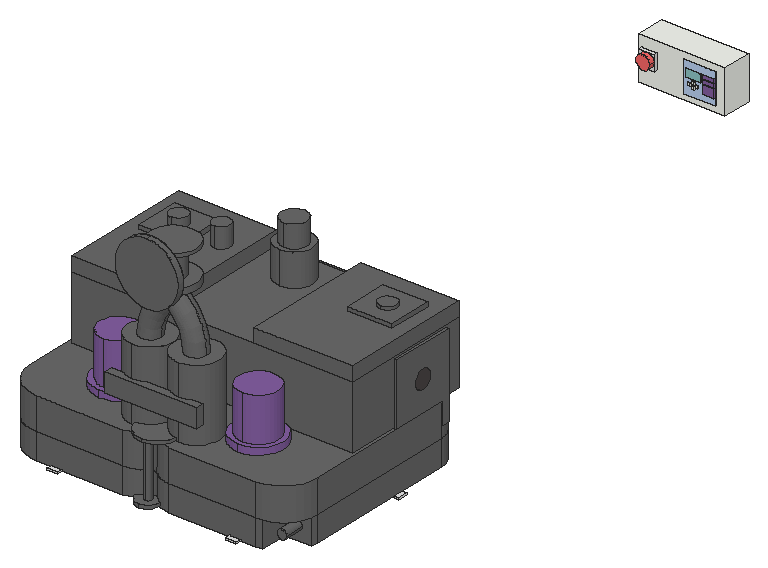
Revit family "11127", category Generic Models, Revit 2021
Family settings
  Can host rebar = No
  Round Connector Dimension = Use Diameter
  Part Type = Normal
  Work Plane-Based = No
  Always vertical = Yes
  Cut with Voids When Loaded = No
  Shared = Yes
  Room Calculation Point = No
Parameters (values of type "11127")
  SUPPLIER = "KESSEL"
  SA700ID49 = "Protection Class I"
  SA700ID48 = "no"
  SA700ID47 = "no"
  SA700ID46 = "yes"
  SA700ID37 = 20000 mm
  SA700ID34 = 55
  SA700ID33 = 4.2 W
  SA700ID32 = 206.68 kg
  SA700ID31 = 1
  SA700ID30 = 2
  SA700ID29 = "GLRD"
  SA700ID21 = 2000
  SA700ID10 = "yes"
  SA700ID08 = 400 V
  PROCUREWEBLINK = "https://p.caden.as/kessel/11127"
  PROCURELINK = "p.caden.as/kessel/11127"
  PROCUREDATALASTUPDATE = "2024-05-22T12:17:56.64331634+01:00"
  PREVIEW = "../../bilder/ksb_w_11127.png"
  PRC_SPECIFICATIONLINK = "https://ausschreiben.de/catalog/kessel/catalogItem/93ecf0da-205c-4d52-8e6f-fb3f17548b2c"
  NN = "Lifting station Aqualift F XL"
  NBSYN = "$SA810ID03."
  NB = "11127"
  Model = "11127"
  Manufacturer = "KESSEL"
  MIdent = "{$CADENAS_DATA/23d-libs/kessel/kessel_vdi_import/4/entwaesserung/hebeanlage20aqualift20f20xl.prj},201 {STYP=ASS},{VTYP=3D},{NB=11127},{LINA=11127},{NN=Lifting station Aqualift F XL},{DATE=21.11.2022 10:48:11},{GEOMDATE=21.11.2022 10:48:11},{VERSION=},{LINEID=470},{WBVAR=LODLEVEL},{WBNUMERIC=LODLEVEL}  {NB=11127},{LINA=11127},{KT=DUMMY},{PREVIEW=../../bilder/ksb_w_11127.png},{SA700ID04=Hebeanlage Aqualift F XL 450 l, Duo, SPF 4500-S1, Gussschieber},{SA810ID06=04026092057940},{SA700ID34=55.00},{SA010ID03=201805},{SA810ID03=11127},{SA810ID10=Aqualift F XL 4500W-S1 Duo 450L m.S.G.KESSEL Aqualift F XL Hebeanlage für fäkalienhaltiges und fäkalienfreies Abwasser. Zur Aufstellung in frostgeschützten Räumen.Duoanlage mit zwei Pumpen des Typs SPF 4500-S1 Sammelbehälter aus Polyethylen, mit verschraubter Reinigungsöffnung, Anschlussstutzen für Zulauf von oben DN100/150.Inklusive Tauchrohr zur pneumatischen Niveauerfassung,Entlüftungsanschluss DN 70 und Anschluss für eine Handmembranpumpe DN 32.Behälter inklusive Haltewinkel zur Auftriebssicherung.Behältervolumen 450 Liter, max. Nutzvolumen bei Zulauf von oben ca. 250 Liter.Zwei seitliche und drei rückseitige Anbohrflächen zur Montage weiterer Zuläufe bis DN 200 unter Verwendung von Durchgangsdichtungen.Inklusive KESSEL Schaltgerät Aqualift Comfort 400 V.Anwenderfreundliche Menüführung im mehrzeiligem Display. MitSelbstdiagnosesystem (SDS) und Erinnerungsfunktion für nächste Wartung.Anzeige der aktuellen Messwerte. Einfache Einstellung derfunktionsrelevanten Parameter, inklusive Betriebsstundenzähler und potentialfreiem Kontakt. Optionale Weiterleitung von Alarm- und Sammelstörmeldung über GSM Schnittstelle.Schaltgerät mit Volltextanzeige in sechs Sprachen.Abwasserpumpe(n) mit Freistromrad zur Förderung von fäkalienfreiem und fäkalienhaltigem Abwasser gemäß DIN EN 12050-1.Freier Kugeldurchgang mindestens 40 mm. Pumpe(n) überflutungssicher.Inklusive Rückflussverhinderer, mit Druckabgang aus Grauguss DN 80. nach DIN 2501. Inklusive einem Absperrschieber.Pumpe(n) Typ SPF 4500-S1Fördermenge: max. 56 m³/hFörderhöhe: max. 20 mNennleistung (P2): 3,7 KW je PumpeAufnahmeleistung (P1): 4,5 KW je PumpeBetriebsspannung: 400 V DSNennfrequenz: 50 HzNennstrom: 7,4 AAbsicherung: 3 x C 25 ASchutzart (Pumpe): IP68 3mWS/48hSchutzart (Schaltgerät): IP 65Bertiebsart: S1Kabellänge: 5 mAußenmaße Anlage mit 450 Liter Behälter (BxTxH): 1260 x 960 x 770 mmGewicht ca. 206,68 kg},{SA700ID37=20.00},{SA700ID33=4.20},{SA700ID08=400},{SA700ID30=2},{SA700ID32=206.68},{SA700ID49=Schutzklasse I},{SA700ID50=intern},{SA200ID03=6},{SA250ID03=vertikal},{SA260ID03=Trockenläuferpumpe},{SA350ID03=normalansaugend},{SA400ID03=E-Motor für Drehstrom},{SA460ID03=direkt},{SA500ID03=Kunststoff, Edelstahl},{SA700ID06=80},{SA700ID07=100},{SA700ID09=3/N/PE 400V},{SA700ID10=Ja},{SA700ID11=50},{SA700ID12=IP 68},{SA700ID13=F},{SA700ID15=40},{SA700ID21=2000.00},{SA700ID22=3.50},{SA700ID23=2850},{SA700ID24=2850},{SA700ID26=7.50},{SA700ID27=56.00},{SA700ID28=durchgehend},{SA700ID29=GLRD},{SA700ID31=1},{SA700ID46=ja},{SA700ID47=nein},{SA700ID48=nein},{SA110ID04=Hebeanlage Aqualift F XL},{SA300ID03=einstufig},{SA700ID44=10.00},{SA700ID45=10.00},{SA010ID04=KESSEL AG},{LODLEVEL=200},{LINK=https://www.kessel.de/info?han=11127},{SA970ID01=970},{SA970ID02=7208},{SA970ID03=11127},{SA970ID04=11002617},{SA970ID05=QUAD},{SA970ID06=-655.49},{SA970ID07=-849.95},{SA970ID08=0},{SA970ID09=1},{SA970ID10=0},{SA970ID11=0},{SA970ID12=0},{SA970ID13=1},{SA970ID14=0},{SA970ID15=1310.97},{SA970ID16=999.88},{SA970ID17=1037.83},{LODLEVEL_=200,'Low'},{LODLEVEL_DEU=200,'Low'},{LINK_=https://www.kessel.de/info?han=11127},{LINK_DEU=https://www.kessel.de/info?han=11127},{LODLEVEL_3DB=11127_200},{DNIN1=100},{DNIN2=70},{DNIN4=10},{DNIN5=10},{DNIN6=50},{DNIN7=50},{DNIN8=50},{DNIN9=50},{DNOUT1=32},{DNOUT2=100},{DNOUT3=70},{ISD1=96},{ISD2=10},{ISDOUT1=40},{ISDOUT2=85},{ISDOUT3=65},{SA010ID01=010},{SA010ID02=4},{SA010ID06=www.kessel.de},{SA010ID07=www.kessel.de},{SA010ID12=20180713},{SA010ID13=DEU},{SA010ID14=DE},{SA100ID01=100},{SA100ID02=4},{SA100ID04=Entwässerung},{SA110ID01=110},{SA110ID02=6},{SA200ID01=200},{SA200ID02=6},{SA250ID01=250},{SA250ID02=2},{SA260ID01=260},{SA260ID02=2},{SA300ID01=300},{SA300ID02=1},{SA350ID01=350},{SA350ID02=1},{SA400ID01=400},{SA400ID02=2},{SA460ID01=460},{SA460ID02=1},{SA500ID01=500},{SA500ID02=1},{SA700ID01=700},{SA700ID02=84},{SA700ID10_=1},{SA700ID16=0},{SA700ID25=0},{SA700ID46_=1},{SA700ID47_=0},{SA700ID48_=0},{SA700ID49_=1},{SA700ID50_=2},{SA800ID01=800},{SA800ID02=48},{SA810ID01=810},{SA810ID02=84},{SA810ID04=11127},{SA810ID07=84},{SA810ID09=1},{SA810ID14=PCE},{SA810ID15=1},{SA810ID16=NMP},{SA960ID03=84},{SA960ID04=3L},{SA960ID08=https://www.kessel.de/info?han=11127},{SA010ID08=4026092000007},{SA100ID05=Hebeanlage},{SA110ID06=Hebeanlage}"
  LINK = "https://www.kessel.de/info?han=11127"
  LINA = "11127"
  Default Elevation = 0 mm
  CREATOR = "CADENAS GmbH"
  CATALOG = "KESSEL"
  BOMINFO = "LINA"
  ARTICLENO = "NB"
  4.810.00.9 Order quantity (multiplicator) = "1"
  4.810.00.7 Media- connection number = "84"
  4.810.00.6 GTIN number = "04026092057940"
  4.810.00.4 DATANORM number = "11127"
  4.810.00.3 Producer order number = "11127"
  4.710.03.7 Mass (net) = 206.68 kg
  4.710.03.6 Height = 1027 mm
  4.710.03.5 Width = 1089 mm
  4.710.03.4 Length = 1260 mm
  4.710.03.3 Type of dimensions = "2"
  4.710.02.8 Area of application of wastewater pump = "1"
  4.710.02.7 Art des S2/S3-Betriebs = "50 %"
  4.710.02.6 Duty type = "S3"
  4.710.02.5 Cutting device = "0"
  4.710.02.4 Attached pump control = "1"
  4.710.02.3 Free passage = 40 mm
  4.710.01.6 Option to connect to building automation = "40"
  4.710.01.5 Load regulation = "0"
  4.710.01.4 Designation of closed-loop control = "250"
  4.710.01.3 Identifier for closed-loop control = "450"
  4.700.00.9 Voltage = 0
  4.700.00.8 Nominal connection size on suction side = "100"
  4.700.00.7 Nominal connection size on pressure side = "100"
  4.700.00.6 Type of connection = "80"
  4.700.00.4 Product indentification = "Hebeanlage Aqualift F XL 450 l, Duo, SPF 4500-S1, Gussschieber"
  4.700.00.28 Motor pump shaft = "durchgehend"
  4.700.00.27 Starting current = 56
  4.700.00.26 Maximum power consumption per pump / drive = 7.5
  4.700.00.25 Minimum speed at internal speed adjustment = 0
  4.700.00.24 Nominal speed / maximum speed n = 47.5
  4.700.00.23 Nominal speed of motor = 47.5
  4.700.00.22 Maximum shaft output (P2) per pump/drive = 3.5 W
  4.700.00.16 Maximum temperature of pumped medium = 0 °C
  4.700.00.15 Increased safety class = "40 °C"
  4.700.00.13 Type of protection = "F"
  4.700.00.12 Frequency = 0
  4.700.00.11 Stern-/Dreieck-Anlaufschaltung bei Dreiphasenanschluss oder Drehstrom = "50 Hz"
  4.700.00.10 Phase = "1"
  4.500.00.3 Variant / Variant type / Accessories-name = "Kunststoff, Edelstahl"
  4.460.00.3 Variant / Variant type / Accessories-name = "direkt"
  4.400.00.3 Variant / Variant type / Accessories-name = "E-Motor für Drehstrom"
  4.350.00.3 Variant / Variant type / Accessories-name = "normalansaugend"
  4.300.00.3 Variant / Variant type / Accessories-name = "einstufig"
  4.260.00.3 Variant / Variant type / Accessories-name = "Trockenläuferpumpe"
  4.250.00.3 Variant / Variant type / Accessories-name = "vertikal"
  4.200.00.3 Variant / Variant type / Accessories-name = "6"
  4.110.00.6 Product classification = "Hebeanlage"
  4.110.00.4 Product indentification = "Hebeanlage Aqualift F XL"
  4.100.00.5 Main groups of wares = "Hebeanlage"
  4.100.00.4 Product indentification = "Entwässerung"
  4.010.00.8 Producer ID number = "4026092000007"
  4.010.00.7 Comment = "www.kessel.de"
  4.010.00.6 Web address of the manufacturer = "www.kessel.de"
  4.010.00.4 Manufacturer name = "KESSEL AG"
  4.010.00.3 Date of issuance (month) of guideline = "201805"
  4.010.00.2 Sheet number of the guideline = "4"
  4.010.00.14 Kennungen der Projektländer, für die die Datei gültig ist = "DE"
  4.010.00.13 Sprache der Datei = "DEU"
  4.010.00.12 Stand des Herstellerkatalogs = "20180713"
Reference planes
  plane 1 "Center (Front/Back)": y = 0
  plane 2: z = 0
  plane 3 "Center (Left/Right)": x = 0
Dimensions and locks
  aligned and locked: level to plane 2
Nested families
  nested 1: "11127_content" at (0, 0, 0), type "11127_Content"
  nested 2: "11127_part1_X0Y0" at (1000, 1000, 1200), type "11127_PART1_X0Y0"
  nested 3: "11127_part2_X0Y0" at (0, 0, 0), type "11127_PART2_X0Y0"
Connectors
  electrical at (861, 933, 1201.5)
    settings: on nested 2, index 1, voltage 0 V, apparent load 0 VA, apparent load phase1 0 VA, apparent load phase2 0 VA, apparent load phase3 0 VA, power factor 1, load classification "Other", number of poles 1, system type 31, power factor state 1, is connector primary yes, connector utility no, sub classification motor no, connector description ""
  piping at (0, 0, 771), diameter 100
    settings: on nested 3, index 2, connector inside diameter 609.6 mm, connector length 0 mm, flow factor 0, pipe flow 0.0 L/s, pressure drop 0.0 Pa, fitting loss kfactor 0, connector angle 0.00°, fixture units 0, engagement length 0 mm, angle of deflection 0.00°, flow configuration 0, flow direction 1, fitting loss method 2, system type 8, joint type 0, gender type 0, connector reference index -1, connector utility 0, adjustable connector no, is connector primary yes, connector description ""
  piping at (631, -85, 392), diameter 70
    settings: on nested 3, index 3, connector inside diameter 609.6 mm, connector length 0 mm, flow factor 0, pipe flow 0.0 L/s, pressure drop 0.0 Pa, fitting loss kfactor 0, connector angle 0.00°, fixture units 0, engagement length 0 mm, angle of deflection 0.00°, flow configuration 0, flow direction 0, fitting loss method 2, system type 8, joint type 0, gender type 0, connector reference index -1, connector utility 0, adjustable connector no, is connector primary no, connector description ""
  piping at (358.7, 150.5, 392), diameter 70
    settings: on nested 3, index 4, connector inside diameter 609.6 mm, connector length 0 mm, flow factor 0, pipe flow 0.0 L/s, pressure drop 0.0 Pa, fitting loss kfactor 0, connector angle 0.00°, fixture units 0, engagement length 0 mm, angle of deflection 0.00°, flow configuration 0, flow direction 0, fitting loss method 2, system type 8, joint type 0, gender type 0, connector reference index -1, connector utility 0, adjustable connector no, is connector primary no, connector description ""
  piping at (0, 150.5, 392), diameter 70
    settings: on nested 3, index 5, connector inside diameter 609.6 mm, connector length 0 mm, flow factor 0, pipe flow 0.0 L/s, pressure drop 0.0 Pa, fitting loss kfactor 0, connector angle 0.00°, fixture units 0, engagement length 0 mm, angle of deflection 0.00°, flow configuration 0, flow direction 0, fitting loss method 2, system type 8, joint type 0, gender type 0, connector reference index -1, connector utility 0, adjustable connector no, is connector primary no, connector description ""
  piping at (-357.7, 150.5, 392), diameter 70
    settings: on nested 3, index 6, connector inside diameter 609.6 mm, connector length 0 mm, flow factor 0, pipe flow 0.0 L/s, pressure drop 0.0 Pa, fitting loss kfactor 0, connector angle 0.00°, fixture units 0, engagement length 0 mm, angle of deflection 0.00°, flow configuration 0, flow direction 0, fitting loss method 2, system type 8, joint type 0, gender type 0, connector reference index -1, connector utility 0, adjustable connector no, is connector primary no, connector description ""
  piping at (-630.5, -85, 392), diameter 70
    settings: on nested 3, index 7, connector inside diameter 609.6 mm, connector length 0 mm, flow factor 0, pipe flow 0.0 L/s, pressure drop 0.0 Pa, fitting loss kfactor 0, connector angle 0.00°, fixture units 0, engagement length 0 mm, angle of deflection 0.00°, flow configuration 0, flow direction 0, fitting loss method 2, system type 8, joint type 0, gender type 0, connector reference index -1, connector utility 0, adjustable connector no, is connector primary no, connector description ""
  piping at (0, -660, 970), diameter 100
    settings: on nested 3, index 8, connector inside diameter 609.6 mm, connector length 0 mm, flow factor 0, pipe flow 0.0 L/s, pressure drop 0.0 Pa, fitting loss kfactor 0, connector angle 0.00°, fixture units 0, engagement length 0 mm, angle of deflection 0.00°, flow configuration 0, flow direction 2, fitting loss method 2, system type 7, joint type 0, gender type 0, connector reference index -1, connector utility 0, adjustable connector no, is connector primary no, connector description ""
  piping at (-270, -60, 681), diameter 70
    settings: on nested 3, index 9, connector inside diameter 609.6 mm, connector length 0 mm, flow factor 0, pipe flow 0.0 L/s, pressure drop 0.0 Pa, fitting loss kfactor 0, connector angle 0.00°, fixture units 0, engagement length 0 mm, angle of deflection 0.00°, flow configuration 0, flow direction 2, fitting loss method 2, system type 7, joint type 0, gender type 0, connector reference index -1, connector utility 0, adjustable connector no, is connector primary no, connector description ""
  piping at (565, -772.67, 61), diameter 32
    settings: on nested 3, index 10, connector inside diameter 609.6 mm, connector length 0 mm, flow factor 0, pipe flow 0.0 L/s, pressure drop 0.0 Pa, fitting loss kfactor 0, connector angle 0.00°, fixture units 0, engagement length 0 mm, angle of deflection 0.00°, flow configuration 0, flow direction 2, fitting loss method 2, system type 7, joint type 0, gender type 0, connector reference index -1, connector utility 0, adjustable connector no, is connector primary no, connector description ""
  electrical at (304.25, -577, 477)
    settings: on nested 3, index 11, voltage 0 V, apparent load 0 VA, apparent load phase1 0 VA, apparent load phase2 0 VA, apparent load phase3 0 VA, power factor 1, load classification "Other", number of poles 1, system type 31, power factor state 1, is connector primary no, connector utility no, sub classification motor no, connector description ""
  electrical at (-304.25, -577, 477)
    settings: on nested 3, index 12, voltage 0 V, apparent load 0 VA, apparent load phase1 0 VA, apparent load phase2 0 VA, apparent load phase3 0 VA, power factor 1, load classification "Other", number of poles 1, system type 31, power factor state 1, is connector primary no, connector utility no, sub classification motor no, connector description ""
  electrical at (-457.5, -59.5, 650)
    settings: on nested 3, index 13, voltage 0 V, apparent load 0 VA, apparent load phase1 0 VA, apparent load phase2 0 VA, apparent load phase3 0 VA, power factor 1, load classification "Other", number of poles 1, system type 31, power factor state 1, is connector primary no, connector utility no, sub classification motor no, connector description ""
Definition of nested family "11127_part1_X0Y0"
  Parameters (values of type "11127_PART1_X0Y0")
    SUPPLIER = "KESSEL"
    SA700ID49 = "Protection Class I"
    SA700ID48 = "no"
    SA700ID47 = "no"
    SA700ID46 = "yes"
    SA700ID37 = 20000 mm
    SA700ID34 = 55
    SA700ID33 = 4.2 W
    SA700ID32 = 206.68 kg
    SA700ID31 = 1
    SA700ID30 = 2
    SA700ID29 = "GLRD"
    SA700ID21 = 2000
    SA700ID10 = "yes"
    SA700ID08 = 400 V
    PREVIEW = "../../bilder/ksb_w_11127.png"
    NBSYN = "$SA810ID03._PART1"
    NB = "11127_PART1"
    Model = "11127_PART1"
    Manufacturer = "KESSEL"
    MIdent = "{$CADENAS_DATA/23d-libs/kessel/kessel_vdi_import/4/entwaesserung/hebeanlage20aqualift20f20xl.prj},221 {VTYP=3D},{NB=11127_PART1},{LINA=11127_PART1},{NN=Lifting station Aqualift F XL_PART1},{NOPRJ=TRUE},{DATE=21.11.2022 10:48:11},{GEOMDATE=21.11.2022 10:48:11},{VERSION=},{LINEID=470},{WBVAR=LODLEVEL},{WBNUMERIC=LODLEVEL}  {NB=11127_PART1},{LINA=11127_PART1},{KT=DUMMY},{PREVIEW=../../bilder/ksb_w_11127.png},{SA700ID04=Hebeanlage Aqualift F XL 450 l, Duo, SPF 4500-S1, Gussschieber},{SA810ID06=04026092057940},{SA700ID34=55.00},{SA010ID03=201805},{SA810ID03=11127},{SA810ID10=Aqualift F XL 4500W-S1 Duo 450L m.S.G.KESSEL Aqualift F XL Hebeanlage für fäkalienhaltiges und fäkalienfreies Abwasser. Zur Aufstellung in frostgeschützten Räumen.Duoanlage mit zwei Pumpen des Typs SPF 4500-S1 Sammelbehälter aus Polyethylen, mit verschraubter Reinigungsöffnung, Anschlussstutzen für Zulauf von oben DN100/150.Inklusive Tauchrohr zur pneumatischen Niveauerfassung,Entlüftungsanschluss DN 70 und Anschluss für eine Handmembranpumpe DN 32.Behälter inklusive Haltewinkel zur Auftriebssicherung.Behältervolumen 450 Liter, max. Nutzvolumen bei Zulauf von oben ca. 250 Liter.Zwei seitliche und drei rückseitige Anbohrflächen zur Montage weiterer Zuläufe bis DN 200 unter Verwendung von Durchgangsdichtungen.Inklusive KESSEL Schaltgerät Aqualift Comfort 400 V.Anwenderfreundliche Menüführung im mehrzeiligem Display. MitSelbstdiagnosesystem (SDS) und Erinnerungsfunktion für nächste Wartung.Anzeige der aktuellen Messwerte. Einfache Einstellung derfunktionsrelevanten Parameter, inklusive Betriebsstundenzähler und potentialfreiem Kontakt. Optionale Weiterleitung von Alarm- und Sammelstörmeldung über GSM Schnittstelle.Schaltgerät mit Volltextanzeige in sechs Sprachen.Abwasserpumpe(n) mit Freistromrad zur Förderung von fäkalienfreiem und fäkalienhaltigem Abwasser gemäß DIN EN 12050-1.Freier Kugeldurchgang mindestens 40 mm. Pumpe(n) überflutungssicher.Inklusive Rückflussverhinderer, mit Druckabgang aus Grauguss DN 80. nach DIN 2501. Inklusive einem Absperrschieber.Pumpe(n) Typ SPF 4500-S1Fördermenge: max. 56 m³/hFörderhöhe: max. 20 mNennleistung (P2): 3,7 KW je PumpeAufnahmeleistung (P1): 4,5 KW je PumpeBetriebsspannung: 400 V DSNennfrequenz: 50 HzNennstrom: 7,4 AAbsicherung: 3 x C 25 ASchutzart (Pumpe): IP68 3mWS/48hSchutzart (Schaltgerät): IP 65Bertiebsart: S1Kabellänge: 5 mAußenmaße Anlage mit 450 Liter Behälter (BxTxH): 1260 x 960 x 770 mmGewicht ca. 206,68 kg},{SA700ID37=20.00},{SA700ID33=4.20},{SA700ID08=400},{SA700ID30=2},{SA700ID32=206.68},{SA700ID49=Schutzklasse I},{SA700ID50=intern},{SA200ID03=6},{SA250ID03=vertikal},{SA260ID03=Trockenläuferpumpe},{SA350ID03=normalansaugend},{SA400ID03=E-Motor für Drehstrom},{SA460ID03=direkt},{SA500ID03=Kunststoff, Edelstahl},{SA700ID06=80},{SA700ID07=100},{SA700ID09=3/N/PE 400V},{SA700ID10=Ja},{SA700ID11=50},{SA700ID12=IP 68},{SA700ID13=F},{SA700ID15=40},{SA700ID21=2000.00},{SA700ID22=3.50},{SA700ID23=2850},{SA700ID24=2850},{SA700ID26=7.50},{SA700ID27=56.00},{SA700ID28=durchgehend},{SA700ID29=GLRD},{SA700ID31=1},{SA700ID46=ja},{SA700ID47=nein},{SA700ID48=nein},{SA110ID04=Hebeanlage Aqualift F XL},{SA300ID03=einstufig},{SA700ID44=10.00},{SA700ID45=10.00},{SA010ID04=KESSEL AG},{LODLEVEL=200},{LINK=https://www.kessel.de/info?han=11127},{SA970ID01=970},{SA970ID02=7208},{SA970ID03=11127},{SA970ID04=11002617},{SA970ID05=QUAD},{SA970ID06=-655.49},{SA970ID07=-849.95},{SA970ID08=0},{SA970ID09=1},{SA970ID10=0},{SA970ID11=0},{SA970ID12=0},{SA970ID13=1},{SA970ID14=0},{SA970ID15=1310.97},{SA970ID16=999.88},{SA970ID17=1037.83},{LODLEVEL_=200,'Low'},{LODLEVEL_DEU=200,'Low'},{LINK_=https://www.kessel.de/info?han=11127},{LINK_DEU=https://www.kessel.de/info?han=11127},{LODLEVEL_3DB=11127_200},{DNIN1=100},{DNIN2=70},{DNIN4=10},{DNIN5=10},{DNIN6=50},{DNIN7=50},{DNIN8=50},{DNIN9=50},{DNOUT1=32},{DNOUT2=100},{DNOUT3=70},{ISD1=96},{ISD2=10},{ISDOUT1=40},{ISDOUT2=85},{ISDOUT3=65},{SA010ID01=010},{SA010ID02=4},{SA010ID06=www.kessel.de},{SA010ID07=www.kessel.de},{SA010ID12=20180713},{SA010ID13=DEU},{SA010ID14=DE},{SA100ID01=100},{SA100ID02=4},{SA100ID04=Entwässerung},{SA110ID01=110},{SA110ID02=6},{SA200ID01=200},{SA200ID02=6},{SA250ID01=250},{SA250ID02=2},{SA260ID01=260},{SA260ID02=2},{SA300ID01=300},{SA300ID02=1},{SA350ID01=350},{SA350ID02=1},{SA400ID01=400},{SA400ID02=2},{SA460ID01=460},{SA460ID02=1},{SA500ID01=500},{SA500ID02=1},{SA700ID01=700},{SA700ID02=84},{SA700ID10_=1},{SA700ID16=0},{SA700ID25=0},{SA700ID46_=1},{SA700ID47_=0},{SA700ID48_=0},{SA700ID49_=1},{SA700ID50_=2},{SA800ID01=800},{SA800ID02=48},{SA810ID01=810},{SA810ID02=84},{SA810ID04=11127},{SA810ID07=84},{SA810ID09=1},{SA810ID14=PCE},{SA810ID15=1},{SA810ID16=NMP},{SA960ID03=84},{SA960ID04=3L},{SA960ID08=https://www.kessel.de/info?han=11127},{SA010ID08=4026092000007},{SA100ID05=Hebeanlage},{SA110ID06=Hebeanlage}"
    LINK = "https://www.kessel.de/info?han=11127"
    LINA = "11127_PART1"
    Default Elevation = 1219.2 mm
    CREATOR = "CADENAS GmbH"
    CATALOG = "KESSEL"
    BOMINFO = "LINA"
    ARTICLENO = "NB"
    4.810.00.9 Order quantity (multiplicator) = "1"
    4.810.00.7 Media- connection number = "84"
    4.810.00.6 GTIN number = "04026092057940"
    4.810.00.4 DATANORM number = "11127"
    4.810.00.3 Producer order number = "11127"
    4.710.03.7 Mass (net) = 206.68 kg
    4.710.03.6 Height = 1027 mm
    4.710.03.5 Width = 1089 mm
    4.710.03.4 Length = 1260 mm
    4.710.03.3 Type of dimensions = "2"
    4.710.02.8 Area of application of wastewater pump = "1"
    4.710.02.7 Art des S2/S3-Betriebs = "50 %"
    4.710.02.6 Duty type = "S3"
    4.710.02.5 Cutting device = "0"
    4.710.02.4 Attached pump control = "1"
    4.710.02.3 Free passage = 40 mm
    4.710.01.6 Option to connect to building automation = "40"
    4.710.01.5 Load regulation = "0"
    4.710.01.4 Designation of closed-loop control = "250"
    4.710.01.3 Identifier for closed-loop control = "450"
    4.700.00.9 Voltage = 0
    4.700.00.8 Nominal connection size on suction side = "100"
    4.700.00.7 Nominal connection size on pressure side = "100"
    4.700.00.6 Type of connection = "80"
    4.700.00.4 Product indentification = "Hebeanlage Aqualift F XL 450 l, Duo, SPF 4500-S1, Gussschieber"
    4.700.00.28 Motor pump shaft = "durchgehend"
    4.700.00.27 Starting current = 56
    4.700.00.26 Maximum power consumption per pump / drive = 7.5
    4.700.00.25 Minimum speed at internal speed adjustment = 0
    4.700.00.24 Nominal speed / maximum speed n = 47.5
    4.700.00.23 Nominal speed of motor = 47.5
    4.700.00.22 Maximum shaft output (P2) per pump/drive = 3.5 W
    4.700.00.16 Maximum temperature of pumped medium = 0 °C
    4.700.00.15 Increased safety class = "40 °C"
    4.700.00.13 Type of protection = "F"
    4.700.00.12 Frequency = 0
    4.700.00.11 Stern-/Dreieck-Anlaufschaltung bei Dreiphasenanschluss oder Drehstrom = "50 Hz"
    4.700.00.10 Phase = "1"
    4.500.00.3 Variant / Variant type / Accessories-name = "Kunststoff, Edelstahl"
    4.460.00.3 Variant / Variant type / Accessories-name = "direkt"
    4.400.00.3 Variant / Variant type / Accessories-name = "E-Motor für Drehstrom"
    4.350.00.3 Variant / Variant type / Accessories-name = "normalansaugend"
    4.300.00.3 Variant / Variant type / Accessories-name = "einstufig"
    4.260.00.3 Variant / Variant type / Accessories-name = "Trockenläuferpumpe"
    4.250.00.3 Variant / Variant type / Accessories-name = "vertikal"
    4.200.00.3 Variant / Variant type / Accessories-name = "6"
    4.110.00.6 Product classification = "Hebeanlage"
    4.110.00.4 Product indentification = "Hebeanlage Aqualift F XL"
    4.100.00.5 Main groups of wares = "Hebeanlage"
    4.100.00.4 Product indentification = "Entwässerung"
    4.010.00.8 Producer ID number = "4026092000007"
    4.010.00.7 Comment = "www.kessel.de"
    4.010.00.6 Web address of the manufacturer = "www.kessel.de"
    4.010.00.4 Manufacturer name = "KESSEL AG"
    4.010.00.3 Date of issuance (month) of guideline = "201805"
    4.010.00.2 Sheet number of the guideline = "4"
    4.010.00.14 Kennungen der Projektländer, für die die Datei gültig ist = "DE"
    4.010.00.13 Sprache der Datei = "DEU"
    4.010.00.12 Stand des Herstellerkatalogs = "20180713"
  Reference planes
    plane 1 "Center (Front/Back)": y = 0
    plane 2: z = 0
    plane 3 "Center (Left/Right)": x = 0
  Dimensions and locks
    aligned and locked: level to plane 2
  Nested families
    nested 1: "11127_part1_content" at (0, 0, 0), type "11127_PART1_Content"
  Definition of nested family "11127_part1_content"
    Parameters (values of type "11127_PART1_Content")
      SUPPLIER = "KESSEL"
      SA700ID49 = "Protection Class I"
      SA700ID48 = "no"
      SA700ID47 = "no"
      SA700ID46 = "yes"
      SA700ID37 = 20000 mm
      SA700ID34 = 55
      SA700ID33 = 4.2 W
      SA700ID32 = 206.68 kg
      SA700ID31 = 1
      SA700ID30 = 2
      SA700ID29 = "GLRD"
      SA700ID21 = 2000
      SA700ID10 = "yes"
      SA700ID08 = 400 V
      PREVIEW = "../../bilder/ksb_w_11127.png"
      NBSYN = "$SA810ID03._PART1"
      NB = "11127_PART1"
      Model = "11127_PART1"
      Manufacturer = "KESSEL"
      LINK = "https://www.kessel.de/info?han=11127"
      LINA = "11127_PART1"
      Default Elevation = 1219.2 mm
      CREATOR = "CADENAS GmbH"
      CATALOG = "KESSEL"
      BOMINFO = "LINA"
      ARTICLENO = "NB"
      4.810.00.9 Order quantity (multiplicator) = "1"
      4.810.00.7 Media- connection number = "84"
      4.810.00.6 GTIN number = "04026092057940"
      4.810.00.4 DATANORM number = "11127"
      4.810.00.3 Producer order number = "11127"
      4.710.03.7 Mass (net) = 206.68 kg
      4.710.03.6 Height = 1027 mm
      4.710.03.5 Width = 1089 mm
      4.710.03.4 Length = 1260 mm
      4.710.03.3 Type of dimensions = "2"
      4.710.02.8 Area of application of wastewater pump = "1"
      4.710.02.7 Art des S2/S3-Betriebs = "50 %"
      4.710.02.6 Duty type = "S3"
      4.710.02.5 Cutting device = "0"
      4.710.02.4 Attached pump control = "1"
      4.710.02.3 Free passage = 40 mm
      4.710.01.6 Option to connect to building automation = "40"
      4.710.01.5 Load regulation = "0"
      4.710.01.4 Designation of closed-loop control = "250"
      4.710.01.3 Identifier for closed-loop control = "450"
      4.700.00.9 Voltage = 0
      4.700.00.8 Nominal connection size on suction side = "100"
      4.700.00.7 Nominal connection size on pressure side = "100"
      4.700.00.6 Type of connection = "80"
      4.700.00.4 Product indentification = "Hebeanlage Aqualift F XL 450 l, Duo, SPF 4500-S1, Gussschieber"
      4.700.00.28 Motor pump shaft = "durchgehend"
      4.700.00.27 Starting current = 56
      4.700.00.26 Maximum power consumption per pump / drive = 7.5
      4.700.00.25 Minimum speed at internal speed adjustment = 0
      4.700.00.24 Nominal speed / maximum speed n = 47.5
      4.700.00.23 Nominal speed of motor = 47.5
      4.700.00.22 Maximum shaft output (P2) per pump/drive = 3.5 W
      4.700.00.16 Maximum temperature of pumped medium = 0 °C
      4.700.00.15 Increased safety class = "40 °C"
      4.700.00.13 Type of protection = "F"
      4.700.00.12 Frequency = 0
      4.700.00.11 Stern-/Dreieck-Anlaufschaltung bei Dreiphasenanschluss oder Drehstrom = "50 Hz"
      4.700.00.10 Phase = "1"
      4.500.00.3 Variant / Variant type / Accessories-name = "Kunststoff, Edelstahl"
      4.460.00.3 Variant / Variant type / Accessories-name = "direkt"
      4.400.00.3 Variant / Variant type / Accessories-name = "E-Motor für Drehstrom"
      4.350.00.3 Variant / Variant type / Accessories-name = "normalansaugend"
      4.300.00.3 Variant / Variant type / Accessories-name = "einstufig"
      4.260.00.3 Variant / Variant type / Accessories-name = "Trockenläuferpumpe"
      4.250.00.3 Variant / Variant type / Accessories-name = "vertikal"
      4.200.00.3 Variant / Variant type / Accessories-name = "6"
      4.110.00.6 Product classification = "Hebeanlage"
      4.110.00.4 Product indentification = "Hebeanlage Aqualift F XL"
      4.100.00.5 Main groups of wares = "Hebeanlage"
      4.100.00.4 Product indentification = "Entwässerung"
      4.010.00.8 Producer ID number = "4026092000007"
      4.010.00.7 Comment = "www.kessel.de"
      4.010.00.6 Web address of the manufacturer = "www.kessel.de"
      4.010.00.4 Manufacturer name = "KESSEL AG"
      4.010.00.3 Date of issuance (month) of guideline = "201805"
      4.010.00.2 Sheet number of the guideline = "4"
      4.010.00.14 Kennungen der Projektländer, für die die Datei gültig ist = "DE"
      4.010.00.13 Sprache der Datei = "DEU"
      4.010.00.12 Stand des Herstellerkatalogs = "20180713"
    Reference planes
      plane 1 "Center (Front/Back)": y = 0
      plane 2: z = 0
      plane 3 "Center (Left/Right)": x = 0
    Forms (mm)
      Extrusion 1, solid, detail levels medium+fine
        sketch origin (189.25, -1.75, 0.2) x (0, -1, 0) y (0, 0, 1)
          loop
            line (0, 187.8) -> (0, 0) -> (127.75, 0) -> (127.75, 187.8) -> (0, 187.8)
        from 0 to 378.5
      Extrusion 2, solid, detail levels medium+fine
        sketch origin (-4, -67, 0) x (0, 1, 0) y (-1, 0, 0)
          loop
            circle (0, 0) r 12.5
        from 0 to 1.5
      Extrusion 3, solid, detail levels medium+fine
        sketch origin (150.8, -129.5, 26.5) x (0, -1, 0) y (0, 0, 1)
          loop
            line (-1.2, 134.8) -> (-1.2, 0) -> (0.25, 0) -> (0.25, 134.8) -> (-1.2, 134.8)
        from 0 to 139.9
      Extrusion 4, solid, detail levels medium+fine
        sketch origin (72.55, -129.75, 66) x (0, -1, 0) y (0, 0, 1)
          loop
            line (-1, 12) -> (-1, 0) -> (0.5, 0) -> (0.5, 12) -> (-1, 12)
        from 0 to 12
      Extrusion 5, solid, detail levels medium+fine
        sketch origin (84.45, -129.75, 93.4) x (0, -1, 0) y (0, 0, 1)
          loop
            line (-1, 37) -> (-1, 0) -> (0.5, 0) -> (0.5, 37) -> (-1, 37)
        from 0 to 66
      Extrusion 6, solid, detail levels medium+fine
        sketch origin (55.3, -129.75, 74) x (0, -1, 0) y (0, 0, 1)
          loop
            line (-1, 12) -> (-1, 0) -> (0.5, 0) -> (0.5, 12) -> (-1, 12)
        from 0 to 12
      Extrusion 7, solid, detail levels medium+fine
        sketch origin (143.3, -129.75, 94.4) x (0, -1, 0) y (0, 0, 1)
          loop
            line (0, 16) -> (0, 0) -> (1.75, 0) -> (1.75, 16) -> (0, 16)
        from 0 to 51
      Extrusion 8, solid, detail levels medium+fine
        sketch origin (143.3, -129.75, 54.4) x (0, -1, 0) y (0, 0, 1)
          loop
            line (0, 36) -> (0, 0) -> (1.75, 0) -> (1.75, 36) -> (0, 36)
        from 0 to 51
      Extrusion 9, solid, detail levels medium+fine
        sketch origin (55.3, -129.75, 57.5) x (0, -1, 0) y (0, 0, 1)
          loop
            line (-1, 12) -> (-1, 0) -> (0.5, 0) -> (0.5, 12) -> (-1, 12)
        from 0 to 12
      Extrusion 10, solid, detail levels medium+fine
        sketch origin (143.3, -129.75, 114.4) x (0, -1, 0) y (0, 0, 1)
          loop
            line (0, 16) -> (0, 0) -> (1.75, 0) -> (1.75, 16) -> (0, 16)
        from 0 to 51
      Extrusion 11, solid, detail levels medium+fine
        sketch origin (38.05, -129.75, 66) x (0, -1, 0) y (0, 0, 1)
          loop
            line (-1, 12) -> (-1, 0) -> (0.5, 0) -> (0.5, 12) -> (-1, 12)
        from 0 to 12
      Extrusion 12, solid, detail levels medium+fine
        sketch origin (47, -72, 0) x (0, 1, 0) y (-1, 0, 0)
          loop
            circle (0, 0) r 8
        from 0 to 1.5
      Extrusion 13, solid, detail levels medium+fine
        sketch origin (47, -42, 0) x (0, 1, 0) y (-1, 0, 0)
          loop
            circle (0, 0) r 5.25
        from 0 to 1.5
      Extrusion 14, solid, detail levels medium+fine
        sketch origin (77, -72, 0) x (0, 1, 0) y (-1, 0, 0)
          loop
            circle (0, 0) r 8
        from 0 to 1.5
      Extrusion 15, solid, detail levels medium+fine
        sketch origin (-94, -67, 0) x (0, 1, 0) y (-1, 0, 0)
          loop
            circle (0, 0) r 12.5
        from 0 to 1.5
      Extrusion 16, solid, detail levels medium+fine
        sketch origin (92, -42, 0) x (0, 1, 0) y (-1, 0, 0)
          loop
            circle (0, 0) r 8
        from 0 to 1.5
      Extrusion 17, solid, detail levels medium+fine
        sketch origin (107, -72, 0) x (0, 1, 0) y (-1, 0, 0)
          loop
            circle (0, 0) r 8
        from 0 to 1.5
      Extrusion 18, solid, detail levels medium+fine
        sketch origin (122, -42, 0) x (0, 1, 0) y (-1, 0, 0)
          loop
            circle (0, 0) r 8
        from 0 to 1.5
      Extrusion 19, solid, detail levels medium+fine
        sketch origin (-107.7, -129.5, 76.9) x (0, -1, 0) y (0, 0, 1)
          loop
            line (0, 67) -> (0, 0) -> (14, 0) -> (14, 67) -> (0, 67)
        from 0 to 67
      Extrusion 20, solid, detail levels medium+fine
        sketch origin (-141.2, -143.5, 110.4) x (1, 0, 0) y (0, 0, 1)
          loop
            circle (0, 0) r 30
        from 0 to 22
      Extrusion 21, solid, detail levels medium+fine
        sketch origin (127, -15, 0) x (0, 1, 0) y (-1, 0, 0)
          loop
            circle (0, 0) r 6
        from 0 to 1.5
      Extrusion 22, solid, detail levels medium+fine
        sketch origin (137, -72, 0) x (0, 1, 0) y (-1, 0, 0)
          loop
            circle (0, 0) r 8
        from 0 to 1.5
      Extrusion 23, solid, detail levels medium+fine
        sketch origin (-139, -67, 0) x (0, 1, 0) y (-1, 0, 0)
          loop
            circle (0, 0) r 12.5
        from 0 to 1.5
      Extrusion 24, solid, detail levels medium+fine
        sketch origin (152, -42, 0) x (0, 1, 0) y (-1, 0, 0)
          loop
            circle (0, 0) r 8
        from 0 to 1.5
      Extrusion 25, solid, detail levels coarse
        sketch origin (0, -83.625, 0) x (1, 0, 0) y (0, 1, 0)
          loop
            line (-189.25, -81.875) -> (189.25, -81.875) -> (189.25, 81.875) -> (-189.25, 81.875) -> (-189.25, -81.875)
        from 0 to 188
    Dimensions and locks
      aligned and locked: level to plane 2
Definition of nested family "11127_part2_X0Y0"
  Parameters (values of type "11127_PART2_X0Y0")
    SUPPLIER = "KESSEL"
    SA700ID49 = "Protection Class I"
    SA700ID48 = "no"
    SA700ID47 = "no"
    SA700ID46 = "yes"
    SA700ID37 = 20000 mm
    SA700ID34 = 55
    SA700ID33 = 4.2 W
    SA700ID32 = 206.68 kg
    SA700ID31 = 1
    SA700ID30 = 2
    SA700ID29 = "GLRD"
    SA700ID21 = 2000
    SA700ID10 = "yes"
    SA700ID08 = 400 V
    PREVIEW = "../../bilder/ksb_w_11127.png"
    NBSYN = "$SA810ID03._PART2"
    NB = "11127_PART2"
    Model = "11127_PART2"
    Manufacturer = "KESSEL"
    MIdent = "{$CADENAS_DATA/23d-libs/kessel/kessel_vdi_import/4/entwaesserung/hebeanlage20aqualift20f20xl.prj},221 {VTYP=3D},{NB=11127_PART2},{LINA=11127_PART2},{NN=Lifting station Aqualift F XL_PART2},{NOPRJ=TRUE},{DATE=21.11.2022 10:48:11},{GEOMDATE=21.11.2022 10:48:11},{VERSION=},{LINEID=470},{WBVAR=LODLEVEL},{WBNUMERIC=LODLEVEL}  {NB=11127_PART2},{LINA=11127_PART2},{KT=DUMMY},{PREVIEW=../../bilder/ksb_w_11127.png},{SA700ID04=Hebeanlage Aqualift F XL 450 l, Duo, SPF 4500-S1, Gussschieber},{SA810ID06=04026092057940},{SA700ID34=55.00},{SA010ID03=201805},{SA810ID03=11127},{SA810ID10=Aqualift F XL 4500W-S1 Duo 450L m.S.G.KESSEL Aqualift F XL Hebeanlage für fäkalienhaltiges und fäkalienfreies Abwasser. Zur Aufstellung in frostgeschützten Räumen.Duoanlage mit zwei Pumpen des Typs SPF 4500-S1 Sammelbehälter aus Polyethylen, mit verschraubter Reinigungsöffnung, Anschlussstutzen für Zulauf von oben DN100/150.Inklusive Tauchrohr zur pneumatischen Niveauerfassung,Entlüftungsanschluss DN 70 und Anschluss für eine Handmembranpumpe DN 32.Behälter inklusive Haltewinkel zur Auftriebssicherung.Behältervolumen 450 Liter, max. Nutzvolumen bei Zulauf von oben ca. 250 Liter.Zwei seitliche und drei rückseitige Anbohrflächen zur Montage weiterer Zuläufe bis DN 200 unter Verwendung von Durchgangsdichtungen.Inklusive KESSEL Schaltgerät Aqualift Comfort 400 V.Anwenderfreundliche Menüführung im mehrzeiligem Display. MitSelbstdiagnosesystem (SDS) und Erinnerungsfunktion für nächste Wartung.Anzeige der aktuellen Messwerte. Einfache Einstellung derfunktionsrelevanten Parameter, inklusive Betriebsstundenzähler und potentialfreiem Kontakt. Optionale Weiterleitung von Alarm- und Sammelstörmeldung über GSM Schnittstelle.Schaltgerät mit Volltextanzeige in sechs Sprachen.Abwasserpumpe(n) mit Freistromrad zur Förderung von fäkalienfreiem und fäkalienhaltigem Abwasser gemäß DIN EN 12050-1.Freier Kugeldurchgang mindestens 40 mm. Pumpe(n) überflutungssicher.Inklusive Rückflussverhinderer, mit Druckabgang aus Grauguss DN 80. nach DIN 2501. Inklusive einem Absperrschieber.Pumpe(n) Typ SPF 4500-S1Fördermenge: max. 56 m³/hFörderhöhe: max. 20 mNennleistung (P2): 3,7 KW je PumpeAufnahmeleistung (P1): 4,5 KW je PumpeBetriebsspannung: 400 V DSNennfrequenz: 50 HzNennstrom: 7,4 AAbsicherung: 3 x C 25 ASchutzart (Pumpe): IP68 3mWS/48hSchutzart (Schaltgerät): IP 65Bertiebsart: S1Kabellänge: 5 mAußenmaße Anlage mit 450 Liter Behälter (BxTxH): 1260 x 960 x 770 mmGewicht ca. 206,68 kg},{SA700ID37=20.00},{SA700ID33=4.20},{SA700ID08=400},{SA700ID30=2},{SA700ID32=206.68},{SA700ID49=Schutzklasse I},{SA700ID50=intern},{SA200ID03=6},{SA250ID03=vertikal},{SA260ID03=Trockenläuferpumpe},{SA350ID03=normalansaugend},{SA400ID03=E-Motor für Drehstrom},{SA460ID03=direkt},{SA500ID03=Kunststoff, Edelstahl},{SA700ID06=80},{SA700ID07=100},{SA700ID09=3/N/PE 400V},{SA700ID10=Ja},{SA700ID11=50},{SA700ID12=IP 68},{SA700ID13=F},{SA700ID15=40},{SA700ID21=2000.00},{SA700ID22=3.50},{SA700ID23=2850},{SA700ID24=2850},{SA700ID26=7.50},{SA700ID27=56.00},{SA700ID28=durchgehend},{SA700ID29=GLRD},{SA700ID31=1},{SA700ID46=ja},{SA700ID47=nein},{SA700ID48=nein},{SA110ID04=Hebeanlage Aqualift F XL},{SA300ID03=einstufig},{SA700ID44=10.00},{SA700ID45=10.00},{SA010ID04=KESSEL AG},{LODLEVEL=200},{LINK=https://www.kessel.de/info?han=11127},{SA970ID01=970},{SA970ID02=7208},{SA970ID03=11127},{SA970ID04=11002617},{SA970ID05=QUAD},{SA970ID06=-655.49},{SA970ID07=-849.95},{SA970ID08=0},{SA970ID09=1},{SA970ID10=0},{SA970ID11=0},{SA970ID12=0},{SA970ID13=1},{SA970ID14=0},{SA970ID15=1310.97},{SA970ID16=999.88},{SA970ID17=1037.83},{LODLEVEL_=200,'Low'},{LODLEVEL_DEU=200,'Low'},{LINK_=https://www.kessel.de/info?han=11127},{LINK_DEU=https://www.kessel.de/info?han=11127},{LODLEVEL_3DB=11127_200},{DNIN1=100},{DNIN2=70},{DNIN4=10},{DNIN5=10},{DNIN6=50},{DNIN7=50},{DNIN8=50},{DNIN9=50},{DNOUT1=32},{DNOUT2=100},{DNOUT3=70},{ISD1=96},{ISD2=10},{ISDOUT1=40},{ISDOUT2=85},{ISDOUT3=65},{SA010ID01=010},{SA010ID02=4},{SA010ID06=www.kessel.de},{SA010ID07=www.kessel.de},{SA010ID12=20180713},{SA010ID13=DEU},{SA010ID14=DE},{SA100ID01=100},{SA100ID02=4},{SA100ID04=Entwässerung},{SA110ID01=110},{SA110ID02=6},{SA200ID01=200},{SA200ID02=6},{SA250ID01=250},{SA250ID02=2},{SA260ID01=260},{SA260ID02=2},{SA300ID01=300},{SA300ID02=1},{SA350ID01=350},{SA350ID02=1},{SA400ID01=400},{SA400ID02=2},{SA460ID01=460},{SA460ID02=1},{SA500ID01=500},{SA500ID02=1},{SA700ID01=700},{SA700ID02=84},{SA700ID10_=1},{SA700ID16=0},{SA700ID25=0},{SA700ID46_=1},{SA700ID47_=0},{SA700ID48_=0},{SA700ID49_=1},{SA700ID50_=2},{SA800ID01=800},{SA800ID02=48},{SA810ID01=810},{SA810ID02=84},{SA810ID04=11127},{SA810ID07=84},{SA810ID09=1},{SA810ID14=PCE},{SA810ID15=1},{SA810ID16=NMP},{SA960ID03=84},{SA960ID04=3L},{SA960ID08=https://www.kessel.de/info?han=11127},{SA010ID08=4026092000007},{SA100ID05=Hebeanlage},{SA110ID06=Hebeanlage}"
    LINK = "https://www.kessel.de/info?han=11127"
    LINA = "11127_PART2"
    Default Elevation = 1219.2 mm
    CREATOR = "CADENAS GmbH"
    CATALOG = "KESSEL"
    BOMINFO = "LINA"
    ARTICLENO = "NB"
    4.810.00.9 Order quantity (multiplicator) = "1"
    4.810.00.7 Media- connection number = "84"
    4.810.00.6 GTIN number = "04026092057940"
    4.810.00.4 DATANORM number = "11127"
    4.810.00.3 Producer order number = "11127"
    4.710.03.7 Mass (net) = 206.68 kg
    4.710.03.6 Height = 1027 mm
    4.710.03.5 Width = 1089 mm
    4.710.03.4 Length = 1260 mm
    4.710.03.3 Type of dimensions = "2"
    4.710.02.8 Area of application of wastewater pump = "1"
    4.710.02.7 Art des S2/S3-Betriebs = "50 %"
    4.710.02.6 Duty type = "S3"
    4.710.02.5 Cutting device = "0"
    4.710.02.4 Attached pump control = "1"
    4.710.02.3 Free passage = 40 mm
    4.710.01.6 Option to connect to building automation = "40"
    4.710.01.5 Load regulation = "0"
    4.710.01.4 Designation of closed-loop control = "250"
    4.710.01.3 Identifier for closed-loop control = "450"
    4.700.00.9 Voltage = 0
    4.700.00.8 Nominal connection size on suction side = "100"
    4.700.00.7 Nominal connection size on pressure side = "100"
    4.700.00.6 Type of connection = "80"
    4.700.00.4 Product indentification = "Hebeanlage Aqualift F XL 450 l, Duo, SPF 4500-S1, Gussschieber"
    4.700.00.28 Motor pump shaft = "durchgehend"
    4.700.00.27 Starting current = 56
    4.700.00.26 Maximum power consumption per pump / drive = 7.5
    4.700.00.25 Minimum speed at internal speed adjustment = 0
    4.700.00.24 Nominal speed / maximum speed n = 47.5
    4.700.00.23 Nominal speed of motor = 47.5
    4.700.00.22 Maximum shaft output (P2) per pump/drive = 3.5 W
    4.700.00.16 Maximum temperature of pumped medium = 0 °C
    4.700.00.15 Increased safety class = "40 °C"
    4.700.00.13 Type of protection = "F"
    4.700.00.12 Frequency = 0
    4.700.00.11 Stern-/Dreieck-Anlaufschaltung bei Dreiphasenanschluss oder Drehstrom = "50 Hz"
    4.700.00.10 Phase = "1"
    4.500.00.3 Variant / Variant type / Accessories-name = "Kunststoff, Edelstahl"
    4.460.00.3 Variant / Variant type / Accessories-name = "direkt"
    4.400.00.3 Variant / Variant type / Accessories-name = "E-Motor für Drehstrom"
    4.350.00.3 Variant / Variant type / Accessories-name = "normalansaugend"
    4.300.00.3 Variant / Variant type / Accessories-name = "einstufig"
    4.260.00.3 Variant / Variant type / Accessories-name = "Trockenläuferpumpe"
    4.250.00.3 Variant / Variant type / Accessories-name = "vertikal"
    4.200.00.3 Variant / Variant type / Accessories-name = "6"
    4.110.00.6 Product classification = "Hebeanlage"
    4.110.00.4 Product indentification = "Hebeanlage Aqualift F XL"
    4.100.00.5 Main groups of wares = "Hebeanlage"
    4.100.00.4 Product indentification = "Entwässerung"
    4.010.00.8 Producer ID number = "4026092000007"
    4.010.00.7 Comment = "www.kessel.de"
    4.010.00.6 Web address of the manufacturer = "www.kessel.de"
    4.010.00.4 Manufacturer name = "KESSEL AG"
    4.010.00.3 Date of issuance (month) of guideline = "201805"
    4.010.00.2 Sheet number of the guideline = "4"
    4.010.00.14 Kennungen der Projektländer, für die die Datei gültig ist = "DE"
    4.010.00.13 Sprache der Datei = "DEU"
    4.010.00.12 Stand des Herstellerkatalogs = "20180713"
  Reference planes
    plane 1 "Center (Front/Back)": y = 0
    plane 2: z = 0
    plane 3 "Center (Left/Right)": x = 0
  Dimensions and locks
    aligned and locked: level to plane 2
  Nested families
    nested 1: "11127_part2_content" at (0, 0, 0), type "11127_PART2_Content"
  Definition of nested family "11127_part2_content"
    Parameters (values of type "11127_PART2_Content")
      SUPPLIER = "KESSEL"
      SA700ID49 = "Protection Class I"
      SA700ID48 = "no"
      SA700ID47 = "no"
      SA700ID46 = "yes"
      SA700ID37 = 20000 mm
      SA700ID34 = 55
      SA700ID33 = 4.2 W
      SA700ID32 = 206.68 kg
      SA700ID31 = 1
      SA700ID30 = 2
      SA700ID29 = "GLRD"
      SA700ID21 = 2000
      SA700ID10 = "yes"
      SA700ID08 = 400 V
      PREVIEW = "../../bilder/ksb_w_11127.png"
      NBSYN = "$SA810ID03._PART2"
      NB = "11127_PART2"
      Model = "11127_PART2"
      Manufacturer = "KESSEL"
      LINK = "https://www.kessel.de/info?han=11127"
      LINA = "11127_PART2"
      Default Elevation = 1219.2 mm
      CREATOR = "CADENAS GmbH"
      CATALOG = "KESSEL"
      BOMINFO = "LINA"
      ARTICLENO = "NB"
      4.810.00.9 Order quantity (multiplicator) = "1"
      4.810.00.7 Media- connection number = "84"
      4.810.00.6 GTIN number = "04026092057940"
      4.810.00.4 DATANORM number = "11127"
      4.810.00.3 Producer order number = "11127"
      4.710.03.7 Mass (net) = 206.68 kg
      4.710.03.6 Height = 1027 mm
      4.710.03.5 Width = 1089 mm
      4.710.03.4 Length = 1260 mm
      4.710.03.3 Type of dimensions = "2"
      4.710.02.8 Area of application of wastewater pump = "1"
      4.710.02.7 Art des S2/S3-Betriebs = "50 %"
      4.710.02.6 Duty type = "S3"
      4.710.02.5 Cutting device = "0"
      4.710.02.4 Attached pump control = "1"
      4.710.02.3 Free passage = 40 mm
      4.710.01.6 Option to connect to building automation = "40"
      4.710.01.5 Load regulation = "0"
      4.710.01.4 Designation of closed-loop control = "250"
      4.710.01.3 Identifier for closed-loop control = "450"
      4.700.00.9 Voltage = 0
      4.700.00.8 Nominal connection size on suction side = "100"
      4.700.00.7 Nominal connection size on pressure side = "100"
      4.700.00.6 Type of connection = "80"
      4.700.00.4 Product indentification = "Hebeanlage Aqualift F XL 450 l, Duo, SPF 4500-S1, Gussschieber"
      4.700.00.28 Motor pump shaft = "durchgehend"
      4.700.00.27 Starting current = 56
      4.700.00.26 Maximum power consumption per pump / drive = 7.5
      4.700.00.25 Minimum speed at internal speed adjustment = 0
      4.700.00.24 Nominal speed / maximum speed n = 47.5
      4.700.00.23 Nominal speed of motor = 47.5
      4.700.00.22 Maximum shaft output (P2) per pump/drive = 3.5 W
      4.700.00.16 Maximum temperature of pumped medium = 0 °C
      4.700.00.15 Increased safety class = "40 °C"
      4.700.00.13 Type of protection = "F"
      4.700.00.12 Frequency = 0
      4.700.00.11 Stern-/Dreieck-Anlaufschaltung bei Dreiphasenanschluss oder Drehstrom = "50 Hz"
      4.700.00.10 Phase = "1"
      4.500.00.3 Variant / Variant type / Accessories-name = "Kunststoff, Edelstahl"
      4.460.00.3 Variant / Variant type / Accessories-name = "direkt"
      4.400.00.3 Variant / Variant type / Accessories-name = "E-Motor für Drehstrom"
      4.350.00.3 Variant / Variant type / Accessories-name = "normalansaugend"
      4.300.00.3 Variant / Variant type / Accessories-name = "einstufig"
      4.260.00.3 Variant / Variant type / Accessories-name = "Trockenläuferpumpe"
      4.250.00.3 Variant / Variant type / Accessories-name = "vertikal"
      4.200.00.3 Variant / Variant type / Accessories-name = "6"
      4.110.00.6 Product classification = "Hebeanlage"
      4.110.00.4 Product indentification = "Hebeanlage Aqualift F XL"
      4.100.00.5 Main groups of wares = "Hebeanlage"
      4.100.00.4 Product indentification = "Entwässerung"
      4.010.00.8 Producer ID number = "4026092000007"
      4.010.00.7 Comment = "www.kessel.de"
      4.010.00.6 Web address of the manufacturer = "www.kessel.de"
      4.010.00.4 Manufacturer name = "KESSEL AG"
      4.010.00.3 Date of issuance (month) of guideline = "201805"
      4.010.00.2 Sheet number of the guideline = "4"
      4.010.00.14 Kennungen der Projektländer, für die die Datei gültig ist = "DE"
      4.010.00.13 Sprache der Datei = "DEU"
      4.010.00.12 Stand des Herstellerkatalogs = "20180713"
    Reference planes
      plane 1 "Center (Front/Back)": y = 0
      plane 2: z = 0
      plane 3 "Center (Left/Right)": x = 0
    Forms (mm)
      Extrusion 1, solid, detail levels medium+fine
        sketch origin (-0.5, -660, 112.5) x (1, 0, 0) y (0, 1, 0)
          loop
            arc (-629.5, 0) -> (-585.566, -106.066) -> (-479.5, -150) r 150
            line (-479.5, -150) -> (-99.995, -150)
            arc (-99.995, -150) -> (-57.127, -141.301) -> (-21.04, -116.58) r 109.976
            arc (-21.04, -116.58) -> (0.5, -107.47) -> (22.04, -116.58) r 30.02
            arc (22.04, -116.58) -> (58.127, -141.301) -> (100.995, -150) r 109.976
            line (100.995, -150) -> (480.5, -150)
            arc (480.5, -150) -> (586.566, -106.066) -> (630.5, 0) r 150
            line (630.5, 0) -> (630.5, 677.961)
            arc (630.5, 677.961) -> (605.35, 744.274) -> (542.55, 777.23) r 99.997
            line (542.55, 777.23) -> (499.4, 782.28) -> (499.4, 800) -> (-498.4, 800) -> (-498.4, 782.28) -> (-541.55, 777.23)
            arc (-541.55, 777.23) -> (-604.35, 744.274) -> (-629.5, 677.961) r 99.997
            line (-629.5, 677.961) -> (-629.5, 0)
        from 0 to 143.5
      Extrusion 2, solid, detail levels medium+fine
        sketch origin (0, -660, 1) x (1, 0, 0) y (0, 1, 0)
          loop
            arc (-630, 0) -> (-586.066, -106.066) -> (-480, -150) r 150
            line (-480, -150) -> (-100.495, -150)
            arc (-100.495, -150) -> (-57.627, -141.301) -> (-21.54, -116.58) r 109.976
            arc (-21.54, -116.58) -> (0, -107.47) -> (21.54, -116.58) r 30.02
            line (21.54, -116.58) -> (23.04, -118.1)
            arc (23.04, -118.1) -> (58.613, -141.713) -> (100.498, -150) r 109.99
            line (100.498, -150) -> (480, -150)
            arc (480, -150) -> (494.569, -149.291) -> (509, -147.17) r 150.003
            line (509, -147.17) -> (509, -29.17) -> (627.14, -29.17)
            arc (627.14, -29.17) -> (629.282, -14.655) -> (630, 0) r 150.373
            line (630, 0) -> (630, 677.961)
            arc (630, 677.961) -> (604.85, 744.274) -> (542.05, 777.23) r 99.997
            line (542.05, 777.23) -> (498.9, 782.28) -> (498.9, 800) -> (-498.9, 800) -> (-498.9, 782.28) -> (-542.05, 777.23)
            arc (-542.05, 777.23) -> (-604.85, 744.274) -> (-630, 677.961) r 99.997
            line (-630, 677.961) -> (-630, 0)
        from 0 to 111.5
      Extrusion 3, solid, detail levels medium+fine
        sketch origin (-614.5, -448.4, 256) x (0, 1, 0) y (0, 0, 1)
          loop
            line (0, 279) -> (0, 0) -> (582.4, 0) -> (582.4, 279) -> (0, 279)
        from 0 to 1229
      Extrusion 4, solid, detail levels medium+fine
        sketch origin (0, 0, 535) x (0, 1, 0) y (-1, 0, 0)
          loop
            circle (0, 0) r 80
        from 0 to 140
      Extrusion 5, solid, detail levels medium+fine
        sketch origin (0, 0, 675) x (0, 1, 0) y (-1, 0, 0)
          loop
            circle (0, 0) r 55
        from 0 to 96
      Extrusion 6, solid, detail levels medium+fine
        sketch origin (-141.375, 134, 161) x (0, 1, 0) y (0, 0, 1)
          loop
            line (0, 366.75) -> (0, 0) -> (16, 0) -> (16, 366.75) -> (0, 366.75)
        from 0 to 281.75
      Extrusion 7, solid, detail levels medium+fine
        sketch origin (0, 149, 392) x (1, 0, 0) y (0, 0, -1)
          loop
            circle (0, 0) r 40
        from 0 to 1.5
      Extrusion 8, solid, detail levels medium+fine
        sketch origin (-304.25, -577, 256) x (0, 1, 0) y (-1, 0, 0)
          loop
            circle (0, 0) r 110
        from 0 to 30
      Extrusion 9, solid, detail levels medium+fine
        sketch origin (-304.25, -577, 286) x (0, 1, 0) y (-1, 0, 0)
          loop
            circle (0, 0) r 86
        from 0 to 191
      Extrusion 10, solid, detail levels medium+fine
        sketch origin (-101.5, -660, 256) x (0, 1, 0) y (-1, 0, 0)
          loop
            circle (0, 0) r 100
        from 0 to 312
      Extrusion 11, solid, detail levels medium+fine
        sketch origin (200.8, -749.5, 354) x (0, -1, 0) y (0, 0, 1)
          loop
            line (0, 80) -> (0, 0) -> (34, 0) -> (34, 80) -> (0, 80)
        from 0 to 401.6
      Extrusion 12, solid, detail levels medium+fine
        sketch origin (101.5, -660, 256) x (0, 1, 0) y (-1, 0, 0)
          loop
            circle (0, 0) r 100
        from 0 to 312
      Extrusion 13, solid, detail levels medium+fine
        sketch origin (0, -747, 256) x (0, 1, 0) y (-1, 0, 0)
          loop
            circle (0, 0) r 90
        from 0 to 12
      Extrusion 14, solid, detail levels medium+fine
        sketch origin (0, -800, 17) x (0, 1, 0) y (-1, 0, 0)
          loop
            circle (0, 0) r 15
        from 0 to 239
      Extrusion 15, solid, detail levels medium+fine
        sketch origin (0, -800, 3) x (0, 1, 0) y (-1, 0, 0)
          loop
            circle (0, 0) r 50
        from 0 to 14
      Revolve 16, solid, detail levels medium+fine
        sketch origin (100.5, -660, 568) x (-1, 0, 0) y (0, -1, 0)
          loop
            circle (0, 0) r 46.5
          axis (225, 0) -> (225, -1)
        angle from -60 to 0
      Extrusion 17, solid, detail levels medium+fine
        sketch origin (0, -660, 748) x (0, 1, 0) y (-1, 0, 0)
          loop
            circle (0, 0) r 46.5
        from 0 to 60
      Extrusion 18, solid, detail levels medium+fine
        sketch origin (0, -660, 808) x (0, 1, 0) y (-1, 0, 0)
          loop
            circle (0, 0) r 100
        from 0 to 27
      Extrusion 19, solid, detail levels medium+fine
        sketch origin (0, -660, 835) x (0, 1, 0) y (-1, 0, 0)
          loop
            circle (0, 0) r 47
        from 0 to 120.5
      Extrusion 20, solid, detail levels medium+fine
        sketch origin (0, -660, 900.25) x (0, 0, 1) y (-1, 0, 0)
          loop
            circle (0, 0) r 25
        from 0 to 100
      Revolve 21, solid, detail levels medium+fine
        sketch origin (0, -760, 900.25) x (-1, 0, 0) y (0, -1, 0)
          loop
            line (0, 0) -> (42, 0) -> (137.5, 20.5) -> (0, 20.5) -> (0, 0)
          axis (0, 20.5) -> (0, 0)
        angle from 0 to 360
      Extrusion 22, solid, detail levels medium+fine
        sketch origin (0, -780.5, 900.25) x (0, 0, 1) y (-1, 0, 0)
          loop
            circle (0, 0) r 137.5
        from 0 to 25
      Extrusion 23, solid, detail levels medium+fine
        sketch origin (0, -660, 955.5) x (0, 1, 0) y (-1, 0, 0)
          loop
            circle (0, 0) r 100
        from 0 to 14.5
      Revolve 24, solid, detail levels medium+fine
        sketch origin (-100.5, -660, 568) x (1, 0, 0) y (0, 1, 0)
          loop
            circle (0, 0) r 46.5
          axis (225, 0) -> (225, -1)
        angle from -60 to 0
      Extrusion 25, solid, detail levels medium+fine
        sketch origin (304.25, -577, 256) x (0, 1, 0) y (-1, 0, 0)
          loop
            circle (0, 0) r 110
        from 0 to 30
      Extrusion 26, solid, detail levels medium+fine
        sketch origin (304.25, -577, 286) x (0, 1, 0) y (-1, 0, 0)
          loop
            circle (0, 0) r 86
        from 0 to 191
      Extrusion 27, solid, detail levels medium+fine
        sketch origin (-614.5, -448.4, 535) x (0, 1, 0) y (0, 0, 1)
          loop
            line (0, 61) -> (0, 0) -> (582.4, 0) -> (582.4, 61) -> (0, 61)
        from 0 to 432
      Extrusion 28, solid, detail levels medium+fine
        sketch origin (-555, -157, 596) x (0, 1, 0) y (0, 0, 1)
          loop
            line (0, 17) -> (0, 0) -> (195, 0) -> (195, 17) -> (0, 17)
        from 0 to 195
      Extrusion 29, solid, detail levels medium+fine
        sketch origin (-457.5, -59.5, 613) x (0, 1, 0) y (-1, 0, 0)
          loop
            circle (0, 0) r 38
        from 0 to 37
      Extrusion 30, solid, detail levels medium+fine
        sketch origin (-270, -60, 596) x (0, 1, 0) y (-1, 0, 0)
          loop
            circle (0, 0) r 37.5
        from 0 to 85
      Extrusion 31, solid, detail levels medium+fine
        sketch origin (182.5, -448.4, 535) x (0, 1, 0) y (0, 0, 1)
          loop
            line (0, 61) -> (0, 0) -> (582.4, 0) -> (582.4, 61) -> (0, 61)
        from 0 to 432
      Extrusion 32, solid, detail levels medium+fine
        sketch origin (359, -157, 596) x (0, 1, 0) y (0, 0, 1)
          loop
            line (0, 17) -> (0, 0) -> (195, 0) -> (195, 17) -> (0, 17)
        from 0 to 195
      Extrusion 33, solid, detail levels medium+fine
        sketch origin (456.5, -59.5, 613) x (0, 1, 0) y (-1, 0, 0)
          loop
            circle (0, 0) r 38
        from 0 to 10
      Extrusion 34, solid, detail levels medium+fine
        sketch origin (-498.9, 134, 161) x (0, 1, 0) y (0, 0, 1)
          loop
            line (0, 366.75) -> (0, 0) -> (16, 0) -> (16, 366.75) -> (0, 366.75)
        from 0 to 281.75
      Extrusion 35, solid, detail levels medium+fine
        sketch origin (-357.7, 149, 392) x (1, 0, 0) y (0, 0, -1)
          loop
            circle (0, 0) r 40
        from 0 to 1.5
      Extrusion 36, solid, detail levels medium+fine
        sketch origin (217.15, 134, 161) x (0, 1, 0) y (0, 0, 1)
          loop
            line (0, 366.75) -> (0, 0) -> (16, 0) -> (16, 366.75) -> (0, 366.75)
        from 0 to 281.75
      Extrusion 37, solid, detail levels medium+fine
        sketch origin (358.7, 149, 392) x (1, 0, 0) y (0, 0, -1)
          loop
            circle (0, 0) r 40
        from 0 to 1.5
      Extrusion 38, solid, detail levels medium+fine
        sketch origin (412.5, -810, 0) x (0, -1, 0) y (0, 0, 1)
          loop
            line (0, 5) -> (0, 0) -> (26, 0) -> (26, 5) -> (0, 5)
        from 0 to 45
      Extrusion 39, solid, detail levels medium+fine
        sketch origin (-368.5, -810, 0) x (0, -1, 0) y (0, 0, 1)
          loop
            line (0, 5) -> (0, 0) -> (26, 0) -> (26, 5) -> (0, 5)
        from 0 to 45
      Extrusion 40, solid, detail levels medium+fine
        sketch origin (-614.5, 55.875, 161) x (0, -1, 0) y (0, 0, 1)
          loop
            line (0, 366.75) -> (0, 0) -> (281.75, 0) -> (281.75, 366.75) -> (0, 366.75)
        from 0 to 15.5
      Extrusion 41, solid, detail levels medium+fine
        sketch origin (-629, -85, 392) x (0, 1, 0) y (0, 0, -1)
          loop
            circle (0, 0) r 40
        from 0 to 1.5
      Extrusion 42, solid, detail levels medium+fine
        sketch origin (630, 55.875, 161) x (0, -1, 0) y (0, 0, 1)
          loop
            line (0, 366.75) -> (0, 0) -> (281.75, 0) -> (281.75, 366.75) -> (0, 366.75)
        from 0 to 15.5
      Extrusion 43, solid, detail levels medium+fine
        sketch origin (-630, -202.5, 0) x (0, -1, 0) y (0, 0, 1)
          loop
            line (0, 5) -> (0, 0) -> (45, 0) -> (45, 5) -> (0, 5)
        from 0 to 25.5
      Extrusion 44, solid, detail levels medium+fine
        sketch origin (655.5, -202.5, 0) x (0, -1, 0) y (0, 0, 1)
          loop
            line (0, 5) -> (0, 0) -> (45, 0) -> (45, 5) -> (0, 5)
        from 0 to 25.5
      Extrusion 45, solid, detail levels medium+fine
        sketch origin (565, -689.17, 61) x (1, 0, 0) y (0, 0, 1)
          loop
            circle (0, 0) r 20.2
        from 0 to 83.5
      Extrusion 46, solid, detail levels medium+fine
        sketch origin (629.5, -85, 392) x (0, -1, 0) y (0, 0, -1)
          loop
            circle (0, 0) r 40
        from 0 to 1.5
      Extrusion 47, solid, detail levels coarse
        sketch origin (0, -349.75, 0) x (1, 0, 0) y (0, 1, 0)
          loop
            line (-655.5, -500.25) -> (655.5, -500.25) -> (655.5, 500.25) -> (-655.5, 500.25) -> (-655.5, -500.25)
        from 0 to 1037.75
    Dimensions and locks
      aligned and locked: level to plane 2
